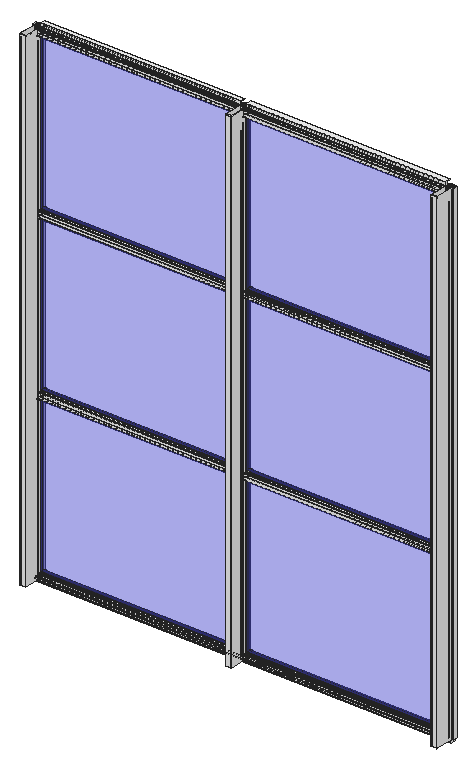
Revit family "Facade_60_Curtain_Wall_S23_Standard", category Windows, host Wall, Revit 2014 (continued)
Definition of nested family "F60_Single_Glazing_S23_Std"
  Dimensions and locks
    "Glazing Height": Extrusion 1 sketch curve to level
    aligned and locked: level to plane 2
    aligned and locked: Extrusion 1 sketch curve to plane 3 "Center (Left/Right)"
    aligned and locked: level to Extrusion 1 sketch curve
Definition of nested family "F60_Double_Glazing_S23_Std"
  Parameters (values of type "F60_Double_Glazing")
    Glazing Width [instance] = 600 mm
    Glazing Height [instance] = 600 mm
    Glazing Thickness DG [instance] = 4 mm
    Glazing Material [instance] = Glass
    Double Glazing Gasket Thickness [instance] = 12 mm
    Double Glazing Gasket Material [instance] = none
  Reference planes
    plane 1 "Center (Front/Back)": y = 0
    plane 2: z = 0
    plane 3 "Center (Left/Right)": x = 0
  Forms (mm)
    Extrusion 1, solid, material "Glass" <- "Glazing Material"
      sketch origin (0, 0, 0) x (1, 0, 0) y (0, 0, 1)
        loop
          line (0, 0) -> (0, 600) -> (-600, 600) -> (-600, 0) -> (0, 0)
      from 0 to 4 <- "Glazing Thickness DG"
    Extrusion 2, solid, material <- "Double Glazing Gasket Material"
      sketch origin (0, -4, 0) x (1, 0, 0) y (0, 0, 1)
        loop
          line (-600, 600) -> (-600, 0) -> (0, 0) -> (0, 600) -> (-600, 600)
        loop
          line (-592, 8) -> (-8, 8) -> (-8, 592) -> (-592, 592) -> (-592, 8)
      from 0 to 12 <- "Double Glazing Gasket Thickness"
    Extrusion 3, solid, material "Glass" <- "Glazing Material"
      sketch origin (0, -16, 0) x (1, 0, 0) y (0, 0, 1)
        loop
          line (-600, 600) -> (-600, 0) -> (0, 0) -> (0, 600) -> (-600, 600)
      from 0 to 4 <- "Glazing Thickness DG"
  Dimensions and locks
    "Glazing Width": plane 3 "Center (Left/Right)" to Extrusion 1 sketch curve
    "Glazing Height": Extrusion 1 sketch curve to level
    aligned and locked: level to plane 2
    aligned and locked: Extrusion 1 sketch curve to plane 3 "Center (Left/Right)"
    aligned and locked: level to Extrusion 1 sketch curve
    aligned and locked: Extrusion 2 sketch curve to Extrusion 1  (x4)
    aligned and locked: Extrusion 3 sketch curve to Extrusion 2  (x4)
  Automatic sketch dimensions
    Extrusion 2 sketch curve to Extrusion 1 = 8 mm  (x4)
Definition of nested family "F60 Vertical Profile Middle_S23_Std"
  Parameters (values of type "F60 Vertical Profile Middle")
    Quarter SG Expansion Break [instance] = if(and(Quarter Expansion Break, Single Glazing), 1 = 1, 1 = 0)  # yes
    Quarter Length [instance] = Length / 4  # 62.5 mm
    Thermal Break Material [instance] = none
    Single Glazing [instance] = yes
    Quarter Expansion Break [instance] = yes
    Quarter DG Expansion Break [instance] = if(and(Quarter Expansion Break, Double Glazing), 1 = 1, 1 = 0)  # yes
    Quarter 190mm Expansion Break [instance] = if(and(Quarter Expansion Break, [190mm Mullion]), 1 = 1, 1 = 0)  # yes
    Quarter 160mm Expansion Break [instance] = if(and(Quarter Expansion Break, [160mm Mullion]), 1 = 1, 1 = 0)  # yes
    Quarter 100mm Expansion Break [instance] = if(and(Quarter Expansion Break, [100mm Mullion]), 1 = 1, 1 = 0)  # yes
    Profile Material [instance] = none
    Length [instance] = 250 mm
    Half SG Expansion Break [instance] = if(and(Half Expansion Break, Single Glazing), 1 = 1, 1 = 0)  # yes
    Half Length [instance] = Length / 2  # 125 mm
    Half Expansion Break [instance] = yes
    Half DG Expansion Break [instance] = if(and(Half Expansion Break, Double Glazing), 1 = 1, 1 = 0)  # yes
    Half 190mm Expansion Joint [instance] = if(and(Half Expansion Break, [190mm Mullion]), 1 = 1, 1 = 0)  # yes
    Half 160mm Expansion Break [instance] = if(and(Half Expansion Break, [160mm Mullion]), 1 = 1, 1 = 0)  # yes
    Half 100mm Expansion Break [instance] = if(and(Half Expansion Break, [100mm Mullion]), 1 = 1, 1 = 0)  # yes
    Double Glazing [instance] = yes
    190mm Mullion [instance] = yes
    160mm Mullion [instance] = yes
    100mm Mullion [instance] = yes
  Reference planes
    plane 1 "Center (Front/Back)": y = 0
    plane 2: z = 0
    plane 3 "Center (Left/Right)": x = 0
  Forms (mm)
    Extrusion 1, solid, material <- "Profile Material"
      sketch origin (0, 0, 0) x (1, 0, 0) y (0, 1, 0)
        loop
          arc (25.249, -8.7) -> (25.484, -9.266) -> (26.049, -9.5) r 0.8
          line (26.049, -9.5) -> (27.1, -9.5) -> (27.1, 7) -> (32.902, 7) -> (32.902, -9.5) -> (33.951, -9.5)
          arc (33.951, -9.5) -> (34.516, -9.266) -> (34.751, -8.7) r 0.8
          line (34.751, -8.7) -> (34.751, 6.2)
          arc (34.751, 6.2) -> (34.985, 6.766) -> (35.551, 7) r 0.8
          line (35.551, 7) -> (52.1, 7) -> (52.1, 5.4) -> (50.55, 5.4) -> (50.55, 4.55)
          arc (50.55, 4.55) -> (50.726, 4.126) -> (51.15, 3.95) r 0.6
          line (51.15, 3.95) -> (52.1, 3.95) -> (52.1, 1)
          arc (52.1, 1) -> (51.6, 0.5) -> (52.1, 0) r 0.5
          line (52.1, 0) -> (54.45, 0) -> (54.45, 1.15) -> (53.3, 1.15) -> (53.3, 2.45) -> (58.8, 2.45) -> (58.8, 1.15) -> (57.65, 1.15) -> (57.65, 0) -> (59.5, 0)
          arc (59.5, 0) -> (59.854, 0.146) -> (60, 0.5) r 0.5
          line (60, 0.5) -> (60, 3.9) -> (53.55, 3.9) -> (53.55, 7.6)
          arc (53.55, 7.6) -> (53.316, 8.166) -> (52.75, 8.4) r 0.8
          line (52.75, 8.4) -> (30, 8.4) -> (7.25, 8.4)
          arc (7.25, 8.4) -> (6.684, 8.166) -> (6.45, 7.6) r 0.8
          line (6.45, 7.6) -> (6.45, 3.9) -> (0, 3.9) -> (0, 0.5)
          arc (0, 0.5) -> (0.146, 0.146) -> (0.5, 0) r 0.5
          line (0.5, 0) -> (2.35, 0) -> (2.35, 1.15) -> (1.2, 1.15) -> (1.2, 2.45) -> (6.7, 2.45) -> (6.7, 1.15) -> (5.55, 1.15) -> (5.55, 0) -> (7.9, 0)
          arc (7.9, 0) -> (8.4, 0.5) -> (7.9, 1) r 0.5
          line (7.9, 1) -> (7.9, 3.95) -> (8.85, 3.95)
          arc (8.85, 3.95) -> (9.274, 4.126) -> (9.45, 4.55) r 0.6
          line (9.45, 4.55) -> (9.45, 5.4) -> (7.9, 5.4) -> (7.9, 7) -> (24.449, 7)
          arc (24.449, 7) -> (25.015, 6.766) -> (25.249, 6.2) r 0.8
          line (25.249, 6.2) -> (25.249, -8.7)
      from 0 to 250 <- "Length"
    Extrusion 2, solid, material <- "Thermal Break Material"
      sketch origin (0, 0, 0) x (1, 0, 0) y (0, 1, 0)
        loop
          line (1.75, 9.8) -> (1.75, 5.2) -> (0, 5.2) -> (0, 3.9) -> (6.35, 3.9) -> (6.35, 7.856)
          arc (6.35, 7.856) -> (6.526, 8.281) -> (6.95, 8.456) r 0.6
          line (6.95, 8.456) -> (30, 8.456) -> (53.05, 8.456)
          arc (53.05, 8.456) -> (53.474, 8.281) -> (53.65, 7.856) r 0.6
          line (53.65, 7.856) -> (53.65, 3.9) -> (60, 3.9) -> (60, 5.2) -> (58.25, 5.2) -> (58.25, 9.8) -> (30, 9.8) -> (1.75, 9.8)
      from 0 to 250 <- "Length"
    Extrusion 3, solid, material <- "Thermal Break Material", visible <- "Single Glazing"
      sketch origin (0, 0, 0) x (1, 0, 0) y (0, 1, 0)
        loop
          line (25.749, -14.011) -> (27.672, -14.011) -> (28.481, -12.611) -> (31.518, -12.611) -> (32.327, -14.011) -> (34.249, -14.011)
          arc (34.249, -14.011) -> (34.603, -13.864) -> (34.749, -13.511) r 0.5
          line (34.749, -13.511) -> (34.749, -10.011)
          arc (34.749, -10.011) -> (34.603, -9.657) -> (34.249, -9.511) r 0.5
          line (34.249, -9.511) -> (32.352, -9.511) -> (32.352, 0.19) -> (31.349, 2.261)
          arc (31.349, 2.261) -> (29.999, 2.986) -> (28.649, 2.261) r 1.62
          line (28.649, 2.261) -> (27.647, 0.19) -> (27.647, -9.511) -> (25.749, -9.511)
          arc (25.749, -9.511) -> (25.396, -9.657) -> (25.249, -10.011) r 0.5
          line (25.249, -10.011) -> (25.249, -13.511)
          arc (25.249, -13.511) -> (25.396, -13.864) -> (25.749, -14.011) r 0.5
        loop
          line (28.504, -10.005) -> (28.504, -10.861)
          arc (28.504, -10.861) -> (28.651, -11.214) -> (29.004, -11.361) r 0.5
          line (29.004, -11.361) -> (30.994, -11.361)
          arc (30.994, -11.361) -> (31.348, -11.214) -> (31.494, -10.861) r 0.5
          line (31.494, -10.861) -> (31.494, -10.005) -> (30.708, -9.219)
          arc (30.708, -9.219) -> (30.383, -9.001) -> (29.999, -8.924) r 1.007
          arc (29.999, -8.924) -> (29.616, -8.999) -> (29.292, -9.217) r 0.986
          line (29.292, -9.217) -> (28.504, -10.005)
        loop
          arc (30.896, 1.935) -> (29.887, 2.44) -> (29.005, 1.735) r 1.047
          line (29.005, 1.735) -> (28.347, 0.374) -> (28.347, -6.993)
          arc (28.347, -6.993) -> (28.583, -7.417) -> (29.068, -7.441) r 0.5
          arc (29.068, -7.441) -> (29.999, -7.223) -> (30.93, -7.441) r 2.099
          arc (30.93, -7.441) -> (31.416, -7.417) -> (31.652, -6.993) r 0.5
          line (31.652, -6.993) -> (31.652, 0.374) -> (30.896, 1.935)
      from 0 to 250 <- "Length"
    Extrusion 4, solid, material <- "Profile Material", visible <- "Single Glazing"
      sketch origin (0, 0, 0) x (1, 0, 0) y (0, 1, 0)
        loop
          line (52.693, -14.011) -> (32.327, -14.011) -> (31.519, -12.611) -> (28.481, -12.611) -> (27.673, -14.011) -> (7.307, -14.011) -> (7.307, -15.011) -> (8.457, -15.011) -> (8.457, -16.261) -> (2.957, -16.261) -> (2.957, -15.011) -> (4.107, -15.011) -> (4.107, -14.011) -> (1.707, -14.011)
          arc (1.707, -14.011) -> (1.199, -14.293) -> (1.168, -14.873) r 0.6
          line (1.168, -14.873) -> (2.093, -16.772) -> (1.015, -17.298) -> (1.484, -18.261) -> (11.488, -18.261)
          arc (11.488, -18.261) -> (11.913, -18.085) -> (12.088, -17.661) r 0.6
          line (12.088, -17.661) -> (12.088, -16.811) -> (47.912, -16.811) -> (47.912, -17.661)
          arc (47.912, -17.661) -> (48.088, -18.085) -> (48.512, -18.261) r 0.6
          line (48.512, -18.261) -> (58.518, -18.261) -> (58.987, -17.298) -> (57.908, -16.772) -> (58.834, -14.874)
          arc (58.834, -14.874) -> (58.802, -14.293) -> (58.293, -14.011) r 0.6
          line (58.293, -14.011) -> (55.893, -14.011) -> (55.893, -15.011) -> (57.043, -15.011) -> (57.043, -16.261) -> (51.543, -16.261) -> (51.543, -15.011) -> (52.693, -15.011) -> (52.693, -14.011)
      from 0 to 250 <- "Length"
    Extrusion 5, solid, material <- "Profile Material", visible <- "Single Glazing"
      sketch origin (0, 0, 0) x (1, 0, 0) y (0, 1, 0)
        loop
          line (2.801, -18.261) -> (1.484, -18.261) -> (1.015, -17.298) -> (2.093, -16.772) -> (0.779, -14.076)
          arc (0.779, -14.076) -> (0.239, -14.21) -> (0.001, -14.713) r 0.65
          line (0.001, -14.713) -> (0.001, -28.068)
          arc (0.001, -28.068) -> (1.172, -30.897) -> (4.001, -32.068) r 4
          line (4.001, -32.068) -> (30.001, -32.068) -> (56.001, -32.068)
          arc (56.001, -32.068) -> (58.829, -30.897) -> (60.001, -28.068) r 4
          line (60.001, -28.068) -> (60.001, -14.713)
          arc (60.001, -14.713) -> (59.763, -14.21) -> (59.223, -14.076) r 0.65
          line (59.223, -14.076) -> (57.908, -16.772) -> (58.987, -17.298) -> (58.518, -18.261) -> (57.201, -18.261)
          arc (57.201, -18.261) -> (56.83, -18.425) -> (56.703, -18.811) r 0.5
          arc (56.703, -18.811) -> (56.83, -19.196) -> (57.201, -19.361) r 0.5
          line (57.201, -19.361) -> (58.951, -19.361) -> (58.951, -27.968)
          arc (58.951, -27.968) -> (58.131, -29.948) -> (56.151, -30.768) r 2.8
          line (56.151, -30.768) -> (30.001, -30.768) -> (3.851, -30.768)
          arc (3.851, -30.768) -> (1.871, -29.948) -> (1.051, -27.968) r 2.8
          line (1.051, -27.968) -> (1.051, -19.361) -> (2.801, -19.361)
          arc (2.801, -19.361) -> (3.172, -19.196) -> (3.298, -18.811) r 0.5
          arc (3.298, -18.811) -> (3.172, -18.425) -> (2.801, -18.261) r 0.5
      from 0 to 250 <- "Length"
    Extrusion 6, solid, material <- "Profile Material", visible <- "100mm Mullion"
      sketch origin (0, 0, 0) x (1, 0, 0) y (0, 1, 0)
        loop
          line (14.02, 13) -> (45.98, 13)
          arc (45.98, 13) -> (46.539, 12.842) -> (46.917, 12.4) r 1
          arc (46.917, 12.4) -> (47.285, 11.963) -> (47.833, 11.8) r 1
          line (47.833, 11.8) -> (58.15, 11.8) -> (58.15, 96.3) -> (47.833, 96.3)
          arc (47.833, 96.3) -> (47.285, 96.137) -> (46.917, 95.7) r 1
          arc (46.917, 95.7) -> (46.548, 95.263) -> (46, 95.1) r 1
          line (46, 95.1) -> (14, 95.1)
          arc (14, 95.1) -> (13.452, 95.263) -> (13.083, 95.7) r 1
          arc (13.083, 95.7) -> (12.715, 96.137) -> (12.167, 96.3) r 1
          line (12.167, 96.3) -> (1.85, 96.3) -> (1.85, 11.8) -> (12.167, 11.8)
          arc (12.167, 11.8) -> (12.715, 11.963) -> (13.083, 12.4) r 1
          arc (13.083, 12.4) -> (13.461, 12.842) -> (14.02, 13) r 1
        loop
          line (1.65, 9.856) -> (58.35, 9.856) -> (58.35, 5.2) -> (60, 5.2) -> (60, 98.8)
          arc (60, 98.8) -> (59.707, 99.507) -> (59, 99.8) r 1
          line (59, 99.8) -> (1, 99.8)
          arc (1, 99.8) -> (0.293, 99.507) -> (0, 98.8) r 1
          line (0, 98.8) -> (0, 5.2) -> (1.65, 5.2) -> (1.65, 9.856)
      from 0 to 250 <- "Length"
    Extrusion 7, solid, material <- "Profile Material", visible <- "160mm Mullion"
      sketch origin (0, 0, 0) x (1, 0, 0) y (0, 1, 0)
        loop
          arc (2.35, 15.6) -> (2.526, 15.176) -> (2.95, 15) r 0.6
          line (2.95, 15) -> (57.05, 15)
          arc (57.05, 15) -> (57.474, 15.176) -> (57.65, 15.6) r 0.6
          line (57.65, 15.6) -> (57.65, 153.7)
          arc (57.65, 153.7) -> (57.474, 154.124) -> (57.05, 154.3) r 0.6
          line (57.05, 154.3) -> (47.833, 154.3)
          arc (47.833, 154.3) -> (47.285, 154.137) -> (46.917, 153.7) r 1
          arc (46.917, 153.7) -> (46.548, 153.263) -> (46, 153.1) r 1
          line (46, 153.1) -> (14, 153.1)
          arc (14, 153.1) -> (13.452, 153.263) -> (13.083, 153.7) r 1
          arc (13.083, 153.7) -> (12.715, 154.137) -> (12.167, 154.3) r 1
          line (12.167, 154.3) -> (2.95, 154.3)
          arc (2.95, 154.3) -> (2.526, 154.124) -> (2.35, 153.7) r 0.6
          line (2.35, 153.7) -> (2.35, 15.6)
        loop
          arc (1, 159.8) -> (0.293, 159.507) -> (0, 158.8) r 1
          line (0, 158.8) -> (0, 5.2) -> (1.65, 5.2) -> (1.65, 10.013) -> (58.35, 10.013) -> (58.35, 5.2) -> (60, 5.2) -> (60, 158.8)
          arc (60, 158.8) -> (59.707, 159.507) -> (59, 159.8) r 1
          line (59, 159.8) -> (1, 159.8)
      from 0 to 250 <- "Length"
    Extrusion 8, solid, material <- "Profile Material", visible <- "190mm Mullion"
      sketch origin (0, 0, 0) x (1, 0, 0) y (0, 1, 0)
        loop
          line (57.25, 15.1) -> (57.25, 178.3)
          arc (57.25, 178.3) -> (56.957, 179.007) -> (56.25, 179.3) r 1
          line (56.25, 179.3) -> (3.75, 179.3)
          arc (3.75, 179.3) -> (3.043, 179.007) -> (2.75, 178.3) r 1
          line (2.75, 178.3) -> (2.75, 15.1)
          arc (2.75, 15.1) -> (2.984, 14.534) -> (3.55, 14.3) r 0.8
          line (3.55, 14.3) -> (56.45, 14.3)
          arc (56.45, 14.3) -> (57.016, 14.534) -> (57.25, 15.1) r 0.8
        loop
          line (60, 5.2) -> (60, 188.8)
          arc (60, 188.8) -> (59.707, 189.507) -> (59, 189.8) r 1
          line (59, 189.8) -> (1, 189.8)
          arc (1, 189.8) -> (0.293, 189.507) -> (0, 188.8) r 1
          line (0, 188.8) -> (0, 5.2) -> (1.65, 5.2) -> (1.65, 9.856) -> (58.35, 9.856) -> (58.35, 5.2) -> (60, 5.2)
      from 0 to 250 <- "Length"
    Extrusion 9, solid, material <- "Thermal Break Material", visible <- "Double Glazing"
      sketch origin (0, 0, 0) x (1, 0, 0) y (0, 1, 0)
        loop
          line (27.672, -28) -> (28.48, -26.6) -> (31.518, -26.6) -> (32.326, -28) -> (34.249, -28)
          arc (34.249, -28) -> (34.603, -27.854) -> (34.749, -27.5) r 0.5
          line (34.749, -27.5) -> (34.749, -10)
          arc (34.749, -10) -> (34.603, -9.646) -> (34.249, -9.5) r 0.5
          line (34.249, -9.5) -> (32.352, -9.5) -> (32.352, 0.198) -> (31.348, 2.272)
          arc (31.348, 2.272) -> (29.998, 2.997) -> (28.648, 2.272) r 1.62
          line (28.648, 2.272) -> (27.645, 0.201) -> (27.645, -9.5) -> (25.749, -9.5)
          arc (25.749, -9.5) -> (25.396, -9.646) -> (25.249, -10) r 0.5
          line (25.249, -10) -> (25.249, -27.5)
          arc (25.249, -27.5) -> (25.396, -27.854) -> (25.749, -28) r 0.5
          line (25.749, -28) -> (27.672, -28)
        loop
          arc (30.706, -9.206) -> (30.382, -8.99) -> (29.999, -8.913) r 1.007
          arc (29.999, -8.913) -> (29.616, -8.988) -> (29.292, -9.206) r 0.986
          line (29.292, -9.206) -> (27.142, -11.356)
          arc (27.142, -11.356) -> (26.926, -11.68) -> (26.849, -12.063) r 1
          line (26.849, -12.063) -> (26.849, -24)
          arc (26.849, -24) -> (27.142, -24.707) -> (27.849, -25) r 1
          line (27.849, -25) -> (32.149, -25)
          arc (32.149, -25) -> (32.856, -24.707) -> (33.149, -24) r 1
          line (33.149, -24) -> (33.149, -12.063)
          arc (33.149, -12.063) -> (33.073, -11.68) -> (32.856, -11.356) r 1
          line (32.856, -11.356) -> (30.706, -9.206)
        loop
          arc (28.345, -6.982) -> (28.581, -7.407) -> (29.067, -7.43) r 0.5
          arc (29.067, -7.43) -> (29.998, -7.213) -> (30.929, -7.43) r 2.099
          arc (30.929, -7.43) -> (31.414, -7.407) -> (31.651, -6.982) r 0.5
          line (31.651, -6.982) -> (31.651, 0.385) -> (30.895, 1.946)
          arc (30.895, 1.946) -> (29.885, 2.45) -> (29.004, 1.745) r 1.047
          line (29.004, 1.745) -> (28.345, 0.385) -> (28.345, -6.982)
      from 0 to 250 <- "Length"
    Extrusion 10, solid, material <- "Profile Material", visible <- "Double Glazing"
      sketch origin (0, 0, 0) x (1, 0, 0) y (0, 1, 0)
        loop
          line (52.692, -28) -> (32.327, -28) -> (31.518, -26.6) -> (28.48, -26.6) -> (27.672, -28) -> (7.306, -28) -> (7.306, -29) -> (8.456, -29) -> (8.456, -30.25) -> (2.956, -30.25) -> (2.956, -29) -> (4.106, -29) -> (4.106, -28) -> (1.706, -28)
          arc (1.706, -28) -> (1.198, -28.282) -> (1.167, -28.863) r 0.6
          line (1.167, -28.863) -> (2.093, -30.762) -> (1.014, -31.288) -> (1.483, -32.25) -> (11.488, -32.25)
          arc (11.488, -32.25) -> (11.912, -32.074) -> (12.088, -31.65) r 0.6
          line (12.088, -31.65) -> (12.088, -30.8) -> (47.911, -30.8) -> (47.911, -31.65)
          arc (47.911, -31.65) -> (48.087, -32.074) -> (48.511, -32.25) r 0.6
          line (48.511, -32.25) -> (58.517, -32.25) -> (58.986, -31.288) -> (57.907, -30.762) -> (58.833, -28.864)
          arc (58.833, -28.864) -> (58.801, -28.282) -> (58.292, -28) r 0.6
          line (58.292, -28) -> (55.892, -28) -> (55.892, -29) -> (57.042, -29) -> (57.042, -30.25) -> (51.542, -30.25) -> (51.542, -29) -> (52.692, -29) -> (52.692, -28)
      from 0 to 250 <- "Length"
    Extrusion 11, solid, material <- "Profile Material", visible <- "Double Glazing"
      sketch origin (0, 0, 0) x (1, 0, 0) y (0, 1, 0)
        loop
          line (2.8, -32.25) -> (1.483, -32.25) -> (1.014, -31.288) -> (2.093, -30.762) -> (0.778, -28.065)
          arc (0.778, -28.065) -> (0.238, -28.2) -> (0, -28.702) r 0.65
          line (0, -28.702) -> (0, -42.058)
          arc (0, -42.058) -> (1.172, -44.886) -> (4, -46.058) r 4
          line (4, -46.058) -> (30, -46.058) -> (56, -46.058)
          arc (56, -46.058) -> (58.828, -44.886) -> (60, -42.058) r 4
          line (60, -42.058) -> (60, -28.702)
          arc (60, -28.702) -> (59.762, -28.2) -> (59.222, -28.065) r 0.65
          line (59.222, -28.065) -> (57.907, -30.762) -> (58.986, -31.288) -> (58.517, -32.25) -> (57.2, -32.25)
          arc (57.2, -32.25) -> (56.829, -32.415) -> (56.703, -32.8) r 0.5
          arc (56.703, -32.8) -> (56.829, -33.185) -> (57.2, -33.35) r 0.5
          line (57.2, -33.35) -> (58.95, -33.35) -> (58.95, -41.958)
          arc (58.95, -41.958) -> (58.13, -43.938) -> (56.15, -44.758) r 2.8
          line (56.15, -44.758) -> (30, -44.758) -> (3.85, -44.758)
          arc (3.85, -44.758) -> (1.87, -43.938) -> (1.05, -41.958) r 2.8
          line (1.05, -41.958) -> (1.05, -33.35) -> (2.8, -33.35)
          arc (2.8, -33.35) -> (3.171, -33.185) -> (3.297, -32.8) r 0.5
          arc (3.297, -32.8) -> (3.171, -32.415) -> (2.8, -32.25) r 0.5
      from 0 to 250 <- "Length"
    Extrusion 12, solid, material <- "Profile Material", visible <- "Double Glazing"
      sketch origin (0, 0, 0) x (1, 0, 0) y (0, 1, 0)
        loop
          line (12, -7.775) -> (0, -7.775) -> (0, -25.775) -> (12, -25.775) -> (12, -7.775)
        loop
          line (10.8, -8.975) -> (1.2, -8.975) -> (1.2, -24.575) -> (10.8, -24.575) -> (10.8, -8.975)
      from 0 to 250 <- "Length"
  Lines and regions (mm)
    model lines, style "GenericModelHiddenLines", visible <- "Half 100mm Expansion Break"
      curve 1: line (60, 5.2, 125) -> (60, 95.2, 125)
      curve 2: line (60, 99.8, 125) -> (0, 99.8, 125)
      curve 8: line (0, 5.2, 125) -> (0, 95.2, 125)
    model lines, style "GenericModelHiddenLines", visible <- "Quarter 100mm Expansion Break"
      curve 3: line (60, 5.2, 187.5) -> (60, 95.2, 187.5)
      curve 4: line (60, 5.2, 62.5) -> (60, 95.2, 62.5)
      curve 5: line (60, 99.8, 62.5) -> (0, 99.8, 62.5)
      curve 6: line (60, 99.8, 187.5) -> (0, 99.8, 187.5)
      curve 7: line (0, 5.2, 187.5) -> (0, 95.2, 187.5)
      curve 9: line (0, 5.2, 62.5) -> (0, 95.2, 62.5)
    model lines, style "GenericModelHiddenLines", visible <- "Half SG Expansion Break"
      curve 10: line (4.107, -32.068, 125) -> (55.893, -32.068, 125)
      curve 14: line (60.001, -14.011, 125) -> (60.001, -32.068, 125)
    model lines, style "GenericModelHiddenLines", visible <- "Quarter SG Expansion Break"
      curve 11: line (4.107, -32.068, 187.5) -> (56.703, -32.068, 187.5)
      curve 12: line (4.107, -32.068, 62.5) -> (56.703, -32.068, 62.5)
      curve 13: line (60.001, -14.011, 187.5) -> (60.001, -32.068, 187.5)
      curve 15: line (60.001, -14.011, 62.5) -> (60.001, -32.068, 62.5)
    model lines, style "GenericModelHiddenLines", visible <- "Quarter 160mm Expansion Break"
      curve 16: line (0, 5.2, 187.5) -> (0, 155.2, 187.5)
      curve 18: line (0, 5.2, 62.5) -> (0, 155.2, 62.5)
      curve 19: line (0, 159.8, 187.5) -> (60, 159.8, 187.5)
      curve 21: line (0, 159.8, 62.5) -> (60, 159.8, 62.5)
      curve 22: line (60, 5.2, 187.5) -> (60, 155.2, 187.5)
      curve 24: line (60, 5.2, 62.5) -> (60, 155.2, 62.5)
    model lines, style "GenericModelHiddenLines", visible <- "Half 160mm Expansion Break"
      curve 17: line (0, 5.2, 125) -> (0, 155.2, 125)
      curve 20: line (0, 159.8, 125) -> (60, 159.8, 125)
      curve 23: line (60, 5.2, 125) -> (60, 155.2, 125)
    model lines, style "GenericModelHiddenLines", visible <- "Quarter 190mm Expansion Break"
      curve 25: line (0, 5.2, 187.5) -> (0, 185.2, 187.5)
      curve 27: line (0, 5.2, 62.5) -> (0, 185.2, 62.5)
      curve 28: line (0.779, 189.8, 187.5) -> (59.222, 189.8, 187.5)
      curve 30: line (0.779, 189.8, 62.5) -> (59.222, 189.8, 62.5)
      curve 31: line (60, 5.2, 187.5) -> (60, 185.2, 187.5)
      curve 33: line (60, 5.2, 62.5) -> (60, 185.2, 62.5)
    model lines, style "GenericModelHiddenLines", visible <- "Half 190mm Expansion Joint"
      curve 26: line (0, 5.2, 125) -> (0, 185.2, 125)
      curve 29: line (0.779, 189.8, 125) -> (59.222, 189.8, 125)
      curve 32: line (60, 5.2, 125) -> (60, 185.2, 125)
    model lines, style "GenericModelHiddenLines", visible <- "Quarter DG Expansion Break"
      curve 34: line (60, -28.065, 187.5) -> (60, -46.074, 187.5)
      curve 36: line (60, -28.065, 62.5) -> (60, -46.027, 62.5)
      curve 37: line (59.222, -46.058, 187.5) -> (0.779, -46.058, 187.5)
      curve 39: line (59.222, -46.058, 62.5) -> (0.779, -46.058, 62.5)
    model lines, style "GenericModelHiddenLines", visible <- "Half DG Expansion Break"
      curve 35: line (60, -28.065, 125) -> (60, -46.074, 125)
      curve 38: line (59.222, -46.058, 125) -> (0.779, -46.058, 125)
  Dimensions and locks
    "Half Length": curve 1 to level
    "Half Length": level to curve 2
    "Quarter Length": curve 4 to level
    "Quarter Length": Extrusion 8 to curve 3
    "Quarter Length": level to curve 5
    "Quarter Length": curve 6 to Extrusion 6
    "Quarter Length": curve 9 to level
    "Half Length": curve 8 to level
    "Quarter Length": Extrusion 8 to curve 7
    "Quarter Length": curve 12 to level
    "Half Length": curve 10 to level
    "Quarter Length": Extrusion 5 to curve 11
    "Quarter Length": curve 15 to level
    "Half Length": curve 14 to level
    "Quarter Length": Extrusion 5 to curve 13
    "Quarter Length": Extrusion 7 to curve 18
    "Half Length": Extrusion 7 to curve 17
    "Quarter Length": Extrusion 7 to curve 16
    "Quarter Length": Extrusion 7 to curve 21
    "Quarter Length": curve 19 to Extrusion 7
    "Half Length": Extrusion 7 to curve 20
    "Quarter Length": Extrusion 7 to curve 24
    "Quarter Length": Extrusion 7 to curve 22
    "Half Length": Extrusion 7 to curve 23
    "Quarter Length": Extrusion 8 to curve 27
    "Quarter Length": Extrusion 8 to curve 25
    "Half Length": Extrusion 8 to curve 26
    "Quarter Length": Extrusion 8 to curve 30
    "Quarter Length": curve 28 to Extrusion 8
    "Half Length": Extrusion 8 to curve 29
    "Quarter Length": Extrusion 8 to curve 33
    "Quarter Length": Extrusion 8 to curve 31
    "Half Length": Extrusion 8 to curve 32
    "Quarter Length": Extrusion 11 to curve 36
    "Quarter Length": Extrusion 11 to curve 34
    "Half Length": Extrusion 11 to curve 35
    "Quarter Length": Extrusion 11 to curve 37
    "Quarter Length": curve 39 to Extrusion 11
    "Half Length": curve 38 to Extrusion 11
    aligned and locked: level to plane 2
  Automatic sketch dimensions
    Extrusion 1 sketch curve to plane 3 "Center (Left/Right)" = 0 mm
    plane 1 "Center (Front/Back)" to Extrusion 1 sketch curve = 0 mm  (x4)
    plane 3 "Center (Left/Right)" to Extrusion 1 sketch curve = 0.5 mm
    Extrusion 1 sketch curve to Extrusion 1 sketch curve = 0.7 mm  (x2)
    Extrusion 1 sketch curve to Extrusion 1 sketch curve = 1.15 mm  (x4)
    Extrusion 1 sketch curve to Extrusion 1 sketch curve = 3.2 mm  (x2)
    Extrusion 1 sketch curve to Extrusion 1 sketch curve = 0.9 mm
    Extrusion 1 sketch curve to Extrusion 1 sketch curve = 0.25 mm
    Extrusion 1 sketch curve to Extrusion 1 sketch curve = 0.8 mm  (x7)
    Extrusion 1 sketch curve to Extrusion 1 sketch curve = 1.45 mm  (x2)
    Extrusion 1 sketch curve to Extrusion 1 sketch curve = 0.65 mm  (x3)
    Extrusion 1 sketch curve to Extrusion 1 sketch curve = 0.95 mm  (x3)
    Extrusion 1 sketch curve to Extrusion 1 sketch curve = 0.6 mm  (x3)
    Extrusion 1 sketch curve to plane 1 "Center (Front/Back)" = 7 mm
    Extrusion 1 sketch curve to Extrusion 1 sketch curve = 14.999 mm  (x2)
    plane 1 "Center (Front/Back)" to Extrusion 1 sketch curve = 8.7 mm
    Extrusion 1 sketch curve to Extrusion 1 sketch curve = 1.85 mm
    Extrusion 1 sketch curve to Extrusion 1 sketch curve = 2.9 mm
    Extrusion 1 sketch curve to Extrusion 1 sketch curve = 5.802 mm
    Extrusion 1 sketch curve to Extrusion 1 sketch curve = 1.049 mm
    Extrusion 1 sketch curve to plane 1 "Center (Front/Back)" = 4.55 mm
    Extrusion 1 sketch curve to plane 1 "Center (Front/Back)" = 0.5 mm  (x3)
    Extrusion 1 sketch curve to Extrusion 1 sketch curve = 1.2 mm
    Extrusion 1 sketch curve to plane 1 "Center (Front/Back)" = 1.15 mm  (x2)
    Extrusion 1 sketch curve to Extrusion 1 sketch curve = 0 mm
    Extrusion 1 sketch curve to Extrusion 1 sketch curve = 1.3 mm  (x2)
    Extrusion 1 sketch curve to Extrusion 1 sketch curve = 0.05 mm  (x2)
    Extrusion 1 sketch curve to Extrusion 1 sketch curve = 0.85 mm  (x2)
    Extrusion 1 sketch curve to plane 1 "Center (Front/Back)" = 6.2 mm
    Extrusion 2 sketch curve to plane 3 "Center (Left/Right)" = 0 mm
    plane 3 "Center (Left/Right)" to Extrusion 2 sketch curve = 1.75 mm
    Extrusion 2 sketch curve to Extrusion 2 sketch curve = 4.6 mm  (x4)
    Extrusion 2 sketch curve to Extrusion 2 sketch curve = 0.6 mm  (x2)
    Extrusion 2 sketch curve to plane 1 "Center (Front/Back)" = 9.8 mm
    Extrusion 2 sketch curve to Extrusion 2 sketch curve = 23.05 mm  (x2)
    Extrusion 2 sketch curve to Extrusion 2 sketch curve = 0 mm
    Extrusion 2 sketch curve to plane 1 "Center (Front/Back)" = 8.456 mm
    Extrusion 2 sketch curve to Extrusion 2 sketch curve = 1.75 mm
    Extrusion 2 sketch curve to plane 1 "Center (Front/Back)" = 3.9 mm  (x2)
    plane 3 "Center (Left/Right)" to Extrusion 3 sketch curve = 25.249 mm
    Extrusion 3 sketch curve to Extrusion 3 sketch curve = 0.5 mm  (x6)
    Extrusion 3 sketch curve to plane 1 "Center (Front/Back)" = 0.19 mm  (x2)
    Extrusion 3 sketch curve to Extrusion 3 sketch curve = 1.897 mm  (x2)
    Extrusion 3 sketch curve to Extrusion 3 sketch curve = 1.922 mm  (x2)
    Extrusion 3 sketch curve to plane 1 "Center (Front/Back)" = 0.374 mm  (x2)
    Extrusion 3 sketch curve to Extrusion 3 sketch curve = 0.7 mm  (x2)
    plane 1 "Center (Front/Back)" to Extrusion 3 sketch curve = 12.611 mm
    Extrusion 3 sketch curve to Extrusion 3 sketch curve = 0.809 mm
    Extrusion 3 sketch curve to Extrusion 3 sketch curve = 0.858 mm
    Extrusion 3 sketch curve to plane 1 "Center (Front/Back)" = 2.261 mm  (x2)
    Extrusion 3 sketch curve to Extrusion 3 sketch curve = 0.303 mm
    Extrusion 3 sketch curve to plane 1 "Center (Front/Back)" = 1.735 mm
    Extrusion 3 sketch curve to Extrusion 3 sketch curve = 0.356 mm
    plane 1 "Center (Front/Back)" to Extrusion 3 sketch curve = 9.217 mm
    Extrusion 3 sketch curve to Extrusion 3 sketch curve = 0.788 mm
    Extrusion 3 sketch curve to Extrusion 3 sketch curve = 0.701 mm
    Extrusion 3 sketch curve to Extrusion 3 sketch curve = 0.003 mm
    Extrusion 3 sketch curve to Extrusion 3 sketch curve = 0.992 mm
    Extrusion 3 sketch curve to Extrusion 3 sketch curve = 0.006 mm
    Extrusion 3 sketch curve to Extrusion 3 sketch curve = 0.002 mm
    plane 1 "Center (Front/Back)" to Extrusion 3 sketch curve = 9.219 mm
    Extrusion 3 sketch curve to Extrusion 3 sketch curve = 0.709 mm
    Extrusion 3 sketch curve to plane 1 "Center (Front/Back)" = 1.935 mm
    Extrusion 3 sketch curve to Extrusion 3 sketch curve = 0.899 mm
    Extrusion 3 sketch curve to Extrusion 3 sketch curve = 0.998 mm
    Extrusion 3 sketch curve to Extrusion 3 sketch curve = 0.444 mm
    Extrusion 3 sketch curve to Extrusion 3 sketch curve = 0.524 mm
    Extrusion 3 sketch curve to Extrusion 3 sketch curve = 0.756 mm
    Extrusion 3 sketch curve to Extrusion 3 sketch curve = 0.808 mm
    Extrusion 3 sketch curve to Extrusion 3 sketch curve = 0.9 mm  (x2)
    Extrusion 3 sketch curve to Extrusion 3 sketch curve = 1.25 mm
    Extrusion 3 sketch curve to Extrusion 3 sketch curve = 0.85 mm  (x2)
    Extrusion 3 sketch curve to Extrusion 3 sketch curve = 0.856 mm  (x2)
    Extrusion 3 sketch curve to Extrusion 3 sketch curve = 0.714 mm
    Extrusion 3 sketch curve to Extrusion 3 sketch curve = 0.02 mm
    Extrusion 3 sketch curve to Extrusion 3 sketch curve = 0.399 mm
    Extrusion 3 sketch curve to Extrusion 3 sketch curve = 2.224 mm
    Extrusion 3 sketch curve to Extrusion 3 sketch curve = 0.448 mm
    Extrusion 3 sketch curve to Extrusion 3 sketch curve = 0.032 mm
    Extrusion 3 sketch curve to Extrusion 3 sketch curve = 0 mm
    plane 3 "Center (Left/Right)" to Extrusion 4 sketch curve = 1.015 mm
    Extrusion 4 sketch curve to Extrusion 4 sketch curve = 0.469 mm
    plane 3 "Center (Left/Right)" to Extrusion 4 sketch curve = 1.707 mm
    Extrusion 4 sketch curve to Extrusion 4 sketch curve = 1.079 mm
    Extrusion 4 sketch curve to Extrusion 4 sketch curve = 0.864 mm
    Extrusion 4 sketch curve to Extrusion 4 sketch curve = 1.15 mm  (x4)
    Extrusion 4 sketch curve to Extrusion 4 sketch curve = 3.2 mm  (x2)
    Extrusion 4 sketch curve to Extrusion 4 sketch curve = 3.031 mm  (x2)
    Extrusion 4 sketch curve to Extrusion 4 sketch curve = 0.6 mm  (x3)
    Extrusion 4 sketch curve to Extrusion 4 sketch curve = 15.584 mm  (x2)
    plane 1 "Center (Front/Back)" to Extrusion 4 sketch curve = 12.611 mm
    Extrusion 4 sketch curve to Extrusion 4 sketch curve = 0.808 mm  (x2)
    Extrusion 4 sketch curve to Extrusion 4 sketch curve = 3.038 mm
    plane 1 "Center (Front/Back)" to Extrusion 4 sketch curve = 14.011 mm
    plane 1 "Center (Front/Back)" to Extrusion 4 sketch curve = 16.772 mm
    Extrusion 4 sketch curve to Extrusion 4 sketch curve = 0.865 mm
    Extrusion 4 sketch curve to Extrusion 4 sketch curve = 1.25 mm  (x4)
    plane 1 "Center (Front/Back)" to Extrusion 4 sketch curve = 18.261 mm
    Extrusion 4 sketch curve to Extrusion 4 sketch curve = 0.61 mm
    plane 1 "Center (Front/Back)" to Extrusion 4 sketch curve = 17.298 mm
    Extrusion 4 sketch curve to Extrusion 4 sketch curve = 5.65 mm
    Extrusion 4 sketch curve to Extrusion 4 sketch curve = 0.962 mm
    Extrusion 4 sketch curve to Extrusion 4 sketch curve = 0.85 mm
    Extrusion 4 sketch curve to Extrusion 4 sketch curve = 0.512 mm  (x2)
    Extrusion 4 sketch curve to Extrusion 4 sketch curve = 1 mm  (x2)
    Extrusion 4 sketch curve to Extrusion 4 sketch curve = 0.4 mm  (x2)
    Extrusion 4 sketch curve to Extrusion 4 sketch curve = 1.4 mm
    Extrusion 4 sketch curve to Extrusion 4 sketch curve = 0.539 mm  (x2)
    Extrusion 4 sketch curve to Extrusion 4 sketch curve = 0 mm
    plane 1 "Center (Front/Back)" to Extrusion 4 sketch curve = 14.874 mm
    plane 3 "Center (Left/Right)" to Extrusion 5 sketch curve = 0.001 mm
    Extrusion 5 sketch curve to Extrusion 5 sketch curve = 0.65 mm  (x2)
    Extrusion 5 sketch curve to Extrusion 5 sketch curve = 0.128 mm  (x2)
    plane 3 "Center (Left/Right)" to Extrusion 5 sketch curve = 1.015 mm
    plane 3 "Center (Left/Right)" to Extrusion 5 sketch curve = 1.051 mm
    Extrusion 5 sketch curve to Extrusion 5 sketch curve = 0.469 mm  (x2)
    Extrusion 5 sketch curve to Extrusion 5 sketch curve = 1.079 mm
    Extrusion 5 sketch curve to Extrusion 5 sketch curve = 1.317 mm  (x2)
    Extrusion 5 sketch curve to Extrusion 5 sketch curve = 0 mm  (x3)
    plane 3 "Center (Left/Right)" to Extrusion 5 sketch curve = 3.851 mm
    Extrusion 5 sketch curve to Extrusion 5 sketch curve = 0.15 mm  (x2)
    Extrusion 5 sketch curve to Extrusion 5 sketch curve = 26 mm  (x2)
    Extrusion 5 sketch curve to Extrusion 5 sketch curve = 1.05 mm
    plane 1 "Center (Front/Back)" to Extrusion 5 sketch curve = 16.772 mm
    Extrusion 5 sketch curve to Extrusion 5 sketch curve = 0.707 mm
    Extrusion 5 sketch curve to Extrusion 5 sketch curve = 0.433 mm
    plane 1 "Center (Front/Back)" to Extrusion 5 sketch curve = 17.298 mm
    plane 1 "Center (Front/Back)" to Extrusion 5 sketch curve = 14.076 mm
    Extrusion 5 sketch curve to Extrusion 5 sketch curve = 0.5 mm  (x2)
    plane 1 "Center (Front/Back)" to Extrusion 5 sketch curve = 18.761 mm
    Extrusion 5 sketch curve to Extrusion 5 sketch curve = 0.1 mm  (x3)
    Extrusion 5 sketch curve to Extrusion 5 sketch curve = 1.1 mm  (x2)
    Extrusion 5 sketch curve to Extrusion 5 sketch curve = 8.608 mm
    Extrusion 5 sketch curve to Extrusion 5 sketch curve = 0.962 mm
    Extrusion 6 sketch curve to plane 3 "Center (Left/Right)" = 0 mm
    plane 3 "Center (Left/Right)" to Extrusion 6 sketch curve = 1 mm
    plane 3 "Center (Left/Right)" to Extrusion 6 sketch curve = 1.65 mm
    plane 3 "Center (Left/Right)" to Extrusion 6 sketch curve = 1.85 mm
    Extrusion 6 sketch curve to Extrusion 6 sketch curve = 10.317 mm  (x3)
    Extrusion 6 sketch curve to Extrusion 6 sketch curve = 1.833 mm  (x4)
    Extrusion 6 sketch curve to Extrusion 6 sketch curve = 0.02 mm  (x2)
    Extrusion 6 sketch curve to plane 1 "Center (Front/Back)" = 13 mm
    Extrusion 6 sketch curve to Extrusion 6 sketch curve = 31.961 mm
    Extrusion 6 sketch curve to Extrusion 6 sketch curve = 32 mm
    Extrusion 6 sketch curve to Extrusion 6 sketch curve = 0.2 mm  (x5)
    Extrusion 6 sketch curve to Extrusion 6 sketch curve = 0.85 mm
    Extrusion 6 sketch curve to Extrusion 6 sketch curve = 1.65 mm
    Extrusion 6 sketch curve to Extrusion 6 sketch curve = 1 mm  (x8)
    Extrusion 6 sketch curve to Extrusion 6 sketch curve = 1.944 mm
    Extrusion 6 sketch curve to Extrusion 6 sketch curve = 4.656 mm  (x2)
    Extrusion 6 sketch curve to Extrusion 6 sketch curve = 82.1 mm
    Extrusion 6 sketch curve to Extrusion 6 sketch curve = 2.5 mm
    Extrusion 7 sketch curve to plane 3 "Center (Left/Right)" = 0 mm
    Extrusion 7 sketch curve to Extrusion 7 sketch curve = 1 mm  (x3)
    plane 3 "Center (Left/Right)" to Extrusion 7 sketch curve = 1.65 mm
    plane 3 "Center (Left/Right)" to Extrusion 7 sketch curve = 2.35 mm
    Extrusion 7 sketch curve to Extrusion 7 sketch curve = 0.6 mm  (x3)
    Extrusion 7 sketch curve to Extrusion 7 sketch curve = 9.217 mm  (x2)
    Extrusion 7 sketch curve to Extrusion 7 sketch curve = 1.833 mm  (x2)
    Extrusion 7 sketch curve to Extrusion 7 sketch curve = 32 mm
    Extrusion 7 sketch curve to plane 1 "Center (Front/Back)" = 15 mm
    Extrusion 7 sketch curve to Extrusion 7 sketch curve = 54.1 mm
    Extrusion 7 sketch curve to Extrusion 7 sketch curve = 1.3 mm
    Extrusion 7 sketch curve to Extrusion 7 sketch curve = 1.95 mm
    Extrusion 7 sketch curve to Extrusion 7 sketch curve = 1.65 mm
    Extrusion 7 sketch curve to Extrusion 7 sketch curve = 4.987 mm
    Extrusion 7 sketch curve to Extrusion 7 sketch curve = 4.813 mm
    Extrusion 7 sketch curve to Extrusion 7 sketch curve = 4.812 mm
    Extrusion 7 sketch curve to Extrusion 7 sketch curve = 137.5 mm
    Extrusion 7 sketch curve to Extrusion 7 sketch curve = 0.2 mm  (x2)
    Extrusion 7 sketch curve to Extrusion 7 sketch curve = 0.4 mm  (x2)
    Extrusion 7 sketch curve to Extrusion 7 sketch curve = 4.5 mm
    Extrusion 8 sketch curve to plane 3 "Center (Left/Right)" = 0 mm
    Extrusion 8 sketch curve to Extrusion 8 sketch curve = 1 mm  (x3)
    plane 3 "Center (Left/Right)" to Extrusion 8 sketch curve = 1.65 mm
    plane 3 "Center (Left/Right)" to Extrusion 8 sketch curve = 2.75 mm
    Extrusion 8 sketch curve to Extrusion 8 sketch curve = 0.8 mm  (x2)
    Extrusion 8 sketch curve to Extrusion 8 sketch curve = 52.5 mm
    Extrusion 8 sketch curve to plane 1 "Center (Front/Back)" = 15.1 mm
    Extrusion 8 sketch curve to Extrusion 8 sketch curve = 52.9 mm
    Extrusion 8 sketch curve to Extrusion 8 sketch curve = 1.9 mm
    Extrusion 8 sketch curve to Extrusion 8 sketch curve = 2.75 mm
    Extrusion 8 sketch curve to Extrusion 8 sketch curve = 4.444 mm
    Extrusion 8 sketch curve to Extrusion 8 sketch curve = 4.656 mm  (x2)
    Extrusion 8 sketch curve to Extrusion 8 sketch curve = 163.2 mm
    Extrusion 8 sketch curve to Extrusion 8 sketch curve = 9.5 mm
    plane 3 "Center (Left/Right)" to Extrusion 9 sketch curve = 25.249 mm
    Extrusion 9 sketch curve to Extrusion 9 sketch curve = 0.5 mm  (x4)
    Extrusion 9 sketch curve to Extrusion 9 sketch curve = 1.1 mm
    plane 1 "Center (Front/Back)" to Extrusion 9 sketch curve = 11.356 mm  (x2)
    Extrusion 9 sketch curve to Extrusion 9 sketch curve = 0.293 mm  (x2)
    Extrusion 9 sketch curve to Extrusion 9 sketch curve = 1.896 mm
    Extrusion 9 sketch curve to Extrusion 9 sketch curve = 1.922 mm
    Extrusion 9 sketch curve to Extrusion 9 sketch curve = 1 mm  (x2)
    Extrusion 9 sketch curve to Extrusion 9 sketch curve = 0.7 mm
    Extrusion 9 sketch curve to Extrusion 9 sketch curve = 0.808 mm
    Extrusion 9 sketch curve to plane 1 "Center (Front/Back)" = 2.272 mm  (x2)
    Extrusion 9 sketch curve to Extrusion 9 sketch curve = 0.303 mm
    Extrusion 9 sketch curve to plane 1 "Center (Front/Back)" = 1.745 mm
    Extrusion 9 sketch curve to Extrusion 9 sketch curve = 0.356 mm
    plane 1 "Center (Front/Back)" to Extrusion 9 sketch curve = 9.206 mm  (x2)
    Extrusion 9 sketch curve to Extrusion 9 sketch curve = 1.647 mm
    Extrusion 9 sketch curve to Extrusion 9 sketch curve = 0.701 mm
    Extrusion 9 sketch curve to Extrusion 9 sketch curve = 0.992 mm
    Extrusion 9 sketch curve to Extrusion 9 sketch curve = 0.003 mm
    Extrusion 9 sketch curve to Extrusion 9 sketch curve = 0.002 mm
    Extrusion 9 sketch curve to Extrusion 9 sketch curve = 0.004 mm
    Extrusion 9 sketch curve to Extrusion 9 sketch curve = 0.708 mm
    Extrusion 9 sketch curve to plane 1 "Center (Front/Back)" = 1.946 mm
    Extrusion 9 sketch curve to Extrusion 9 sketch curve = 0.899 mm
    Extrusion 9 sketch curve to Extrusion 9 sketch curve = 0.444 mm
    Extrusion 9 sketch curve to Extrusion 9 sketch curve = 3.038 mm
    Extrusion 9 sketch curve to plane 1 "Center (Front/Back)" = 0.385 mm  (x2)
    Extrusion 9 sketch curve to Extrusion 9 sketch curve = 0.756 mm
    Extrusion 9 sketch curve to Extrusion 9 sketch curve = 2.153 mm
    Extrusion 9 sketch curve to Extrusion 9 sketch curve = 0.631 mm
    Extrusion 9 sketch curve to Extrusion 9 sketch curve = 0.807 mm
    Extrusion 9 sketch curve to Extrusion 9 sketch curve = 1.646 mm
    Extrusion 9 sketch curve to Extrusion 9 sketch curve = 0.707 mm
    Extrusion 9 sketch curve to Extrusion 9 sketch curve = 1.393 mm
    Extrusion 9 sketch curve to Extrusion 9 sketch curve = 1.923 mm
    Extrusion 9 sketch curve to Extrusion 9 sketch curve = 11.937 mm
    Extrusion 9 sketch curve to Extrusion 9 sketch curve = 1.6 mm
    Extrusion 9 sketch curve to Extrusion 9 sketch curve = 0.9 mm  (x2)
    Extrusion 9 sketch curve to Extrusion 9 sketch curve = 1.356 mm  (x2)
    Extrusion 9 sketch curve to Extrusion 9 sketch curve = 0.714 mm
    Extrusion 9 sketch curve to Extrusion 9 sketch curve = 0.02 mm
    Extrusion 9 sketch curve to Extrusion 9 sketch curve = 0.399 mm
    Extrusion 9 sketch curve to Extrusion 9 sketch curve = 2.224 mm
    Extrusion 9 sketch curve to Extrusion 9 sketch curve = 0.448 mm
    Extrusion 9 sketch curve to plane 1 "Center (Front/Back)" = 0.198 mm
    Extrusion 9 sketch curve to plane 1 "Center (Front/Back)" = 0.201 mm
    Extrusion 9 sketch curve to Extrusion 9 sketch curve = 0.032 mm
    Extrusion 9 sketch curve to Extrusion 9 sketch curve = 0 mm
    plane 3 "Center (Left/Right)" to Extrusion 10 sketch curve = 1.014 mm
    Extrusion 10 sketch curve to Extrusion 10 sketch curve = 0.469 mm  (x2)
    plane 3 "Center (Left/Right)" to Extrusion 10 sketch curve = 1.706 mm
    Extrusion 10 sketch curve to Extrusion 10 sketch curve = 1.079 mm
    Extrusion 10 sketch curve to Extrusion 10 sketch curve = 0.864 mm
    Extrusion 10 sketch curve to Extrusion 10 sketch curve = 1.15 mm  (x4)
    Extrusion 10 sketch curve to Extrusion 10 sketch curve = 3.2 mm  (x2)
    Extrusion 10 sketch curve to Extrusion 10 sketch curve = 3.031 mm  (x2)
    Extrusion 10 sketch curve to Extrusion 10 sketch curve = 0.6 mm  (x3)
    Extrusion 10 sketch curve to Extrusion 10 sketch curve = 15.584 mm  (x2)
    Extrusion 10 sketch curve to Extrusion 10 sketch curve = 0.808 mm  (x2)
    Extrusion 10 sketch curve to Extrusion 10 sketch curve = 3.038 mm
    Extrusion 10 sketch curve to Extrusion 10 sketch curve = 0.865 mm
    Extrusion 10 sketch curve to Extrusion 10 sketch curve = 1.25 mm  (x5)
    Extrusion 10 sketch curve to Extrusion 10 sketch curve = 0.61 mm
    plane 1 "Center (Front/Back)" to Extrusion 10 sketch curve = 31.288 mm
    Extrusion 10 sketch curve to Extrusion 10 sketch curve = 0.362 mm
    plane 1 "Center (Front/Back)" to Extrusion 10 sketch curve = 31.65 mm
    Extrusion 10 sketch curve to Extrusion 10 sketch curve = 0.962 mm
    Extrusion 10 sketch curve to Extrusion 10 sketch curve = 0.85 mm
    Extrusion 10 sketch curve to Extrusion 10 sketch curve = 0.512 mm  (x2)
    Extrusion 10 sketch curve to Extrusion 10 sketch curve = 0.4 mm  (x2)
    Extrusion 10 sketch curve to Extrusion 10 sketch curve = 1 mm
    Extrusion 10 sketch curve to Extrusion 10 sketch curve = 2.8 mm
    Extrusion 10 sketch curve to Extrusion 10 sketch curve = 0 mm  (x2)
    Extrusion 10 sketch curve to Extrusion 10 sketch curve = 1.4 mm
    Extrusion 10 sketch curve to Extrusion 10 sketch curve = 0.539 mm  (x2)
    plane 1 "Center (Front/Back)" to Extrusion 10 sketch curve = 28.864 mm
    Extrusion 11 sketch curve to plane 3 "Center (Left/Right)" = 0 mm
    plane 3 "Center (Left/Right)" to Extrusion 11 sketch curve = 0.65 mm
    Extrusion 11 sketch curve to Extrusion 11 sketch curve = 0.128 mm  (x2)
    plane 3 "Center (Left/Right)" to Extrusion 11 sketch curve = 1.014 mm
    plane 3 "Center (Left/Right)" to Extrusion 11 sketch curve = 1.05 mm
    Extrusion 11 sketch curve to Extrusion 11 sketch curve = 0.469 mm  (x2)
    Extrusion 11 sketch curve to Extrusion 11 sketch curve = 1.079 mm
    Extrusion 11 sketch curve to Extrusion 11 sketch curve = 1.317 mm  (x2)
    Extrusion 11 sketch curve to Extrusion 11 sketch curve = 0 mm  (x3)
    plane 3 "Center (Left/Right)" to Extrusion 11 sketch curve = 3.85 mm
    Extrusion 11 sketch curve to Extrusion 11 sketch curve = 0.15 mm  (x2)
    Extrusion 11 sketch curve to Extrusion 11 sketch curve = 26 mm  (x2)
    Extrusion 11 sketch curve to Extrusion 11 sketch curve = 1.05 mm
    Extrusion 11 sketch curve to Extrusion 11 sketch curve = 0.707 mm
    Extrusion 11 sketch curve to Extrusion 11 sketch curve = 0.433 mm
    plane 1 "Center (Front/Back)" to Extrusion 11 sketch curve = 31.288 mm
    plane 1 "Center (Front/Back)" to Extrusion 11 sketch curve = 28.065 mm
    Extrusion 11 sketch curve to Extrusion 11 sketch curve = 1.314 mm
    Extrusion 11 sketch curve to Extrusion 11 sketch curve = 0.65 mm
    Extrusion 11 sketch curve to Extrusion 11 sketch curve = 0.5 mm  (x2)
    plane 1 "Center (Front/Back)" to Extrusion 11 sketch curve = 32.75 mm
    Extrusion 11 sketch curve to Extrusion 11 sketch curve = 0.1 mm  (x3)
    Extrusion 11 sketch curve to Extrusion 11 sketch curve = 1.1 mm  (x2)
    Extrusion 11 sketch curve to Extrusion 11 sketch curve = 8.608 mm
    Extrusion 11 sketch curve to Extrusion 11 sketch curve = 0.962 mm
    Extrusion 12 sketch curve to plane 3 "Center (Left/Right)" = 0 mm
    plane 3 "Center (Left/Right)" to Extrusion 12 sketch curve = 1.2 mm
    Extrusion 12 sketch curve to Extrusion 12 sketch curve = 9.6 mm
    Extrusion 12 sketch curve to Extrusion 12 sketch curve = 1.2 mm  (x3)
    plane 1 "Center (Front/Back)" to Extrusion 12 sketch curve = 25.775 mm
    plane 1 "Center (Front/Back)" to Extrusion 12 sketch curve = 8.975 mm
    curve 4 to Extrusion 6 = 0 mm
    curve 3 to Extrusion 6 = 0 mm
    curve 1 to Extrusion 6 = 0 mm
    curve 4 to Extrusion 6 = 3.6 mm
    curve 3 to Extrusion 6 = 3.6 mm
    curve 1 to Extrusion 6 = 3.6 mm
    Extrusion 6 to curve 2 = 1 mm
    Extrusion 6 to curve 5 = 1 mm
    Extrusion 6 to curve 6 = 1 mm
    curve 6 to Extrusion 6 = 1 mm
    curve 5 to Extrusion 6 = 1 mm
    curve 2 to Extrusion 6 = 1 mm
    curve 9 to Extrusion 6 = 0 mm
    curve 8 to Extrusion 6 = 0 mm
    curve 7 to Extrusion 6 = 0 mm
    Extrusion 6 to curve 8 = 3.6 mm
    Extrusion 6 to curve 9 = 3.6 mm
    Extrusion 6 to curve 7 = 3.6 mm
    curve 12 to Extrusion 5 = 25.894 mm
    curve 11 to Extrusion 5 = 25.894 mm
    curve 10 to Extrusion 5 = 25.894 mm
    curve 10 to Extrusion 5 = 0.108 mm
    Extrusion 5 to curve 12 = 0.703 mm
    Extrusion 5 to curve 11 = 0.703 mm
    curve 13 to Extrusion 5 = 4 mm
    curve 14 to Extrusion 5 = 4 mm
    curve 15 to Extrusion 5 = 4 mm
    Extrusion 5 to curve 15 = 0.702 mm
    Extrusion 5 to curve 14 = 0.702 mm
    Extrusion 5 to curve 13 = 0.702 mm
    curve 18 to Extrusion 7 = 0 mm
    curve 17 to Extrusion 7 = 0 mm
    curve 16 to Extrusion 7 = 0 mm
    Extrusion 7 to curve 17 = 3.6 mm
    Extrusion 7 to curve 18 = 3.6 mm
    Extrusion 7 to curve 16 = 3.6 mm
    Extrusion 7 to curve 21 = 1 mm  (x2)
    Extrusion 7 to curve 20 = 1 mm  (x2)
    Extrusion 7 to curve 19 = 1 mm  (x2)
    curve 24 to Extrusion 7 = 0 mm
    curve 23 to Extrusion 7 = 0 mm
    curve 22 to Extrusion 7 = 0 mm
    curve 24 to Extrusion 7 = 3.6 mm
    curve 23 to Extrusion 7 = 3.6 mm
    curve 22 to Extrusion 7 = 3.6 mm
    curve 27 to Extrusion 8 = 0 mm
    curve 26 to Extrusion 8 = 0 mm
    curve 25 to Extrusion 8 = 0 mm
    Extrusion 8 to curve 26 = 3.6 mm
    Extrusion 8 to curve 27 = 3.6 mm
    Extrusion 8 to curve 25 = 3.6 mm
    Extrusion 8 to curve 30 = 0.221 mm
    Extrusion 8 to curve 29 = 0.221 mm
    Extrusion 8 to curve 28 = 0.221 mm
    curve 29 to Extrusion 8 = 0.222 mm
    curve 30 to Extrusion 8 = 0.222 mm
    curve 28 to Extrusion 8 = 0.222 mm
    curve 33 to Extrusion 8 = 0 mm
    curve 32 to Extrusion 8 = 0 mm
    curve 31 to Extrusion 8 = 0 mm
    curve 33 to Extrusion 8 = 3.6 mm
    curve 32 to Extrusion 8 = 3.6 mm
    curve 31 to Extrusion 8 = 3.6 mm
    curve 34 to Extrusion 11 = 4.016 mm
    curve 35 to Extrusion 11 = 4.016 mm
    curve 36 to Extrusion 11 = 3.97 mm
    Extrusion 11 to curve 36 = 0.637 mm
    Extrusion 11 to curve 35 = 0.637 mm
    Extrusion 11 to curve 34 = 0.637 mm
    curve 37 to Extrusion 11 = 29.221 mm
    curve 38 to Extrusion 11 = 29.221 mm
    curve 39 to Extrusion 11 = 29.221 mm
    Extrusion 11 to curve 39 = 3.222 mm
    Extrusion 11 to curve 38 = 3.222 mm
    Extrusion 11 to curve 37 = 3.222 mm
Definition of nested family "F60 Horizontal Profile Middle_S23_Std"
  Parameters (values of type "F60 Horizontal Profile Middle")
    Thermal Break Material [instance] = none
    Single Glazing [instance] = yes
    Profile Material [instance] = none
    Length [instance] = 250 mm
    Double Glazing [instance] = yes
  Reference planes
    plane 1 "Center (Front/Back)": y = 0
    plane 2: z = 0
    plane 3 "Center (Left/Right)": x = 0
  Forms (mm)
    Extrusion 1, solid, material <- "Profile Material"
      sketch origin (0, 0, 0) x (0, 1, 0) y (0, 0, 1)
        loop
          line (-9.94, 7.845) -> (-8.37, 6.275) -> (-1.2, 10.415) -> (-1.2, 1.2) -> (-5, 1.2) -> (-5, 0) -> (-1, 0)
          arc (-1, 0) -> (-0.293, 0.293) -> (0, 1) r 1
          line (0, 1) -> (0, 30) -> (0, 59)
          arc (0, 59) -> (-0.293, 59.707) -> (-1, 60) r 1
          line (-1, 60) -> (-5, 60) -> (-5, 58.8) -> (-1.2, 58.8) -> (-1.2, 49.585) -> (-8.37, 53.725) -> (-9.94, 52.155)
          arc (-9.94, 52.155) -> (-9.902, 51.269) -> (-9.016, 51.232) r 0.655
          line (-9.016, 51.232) -> (-8.077, 52.17) -> (-1.2, 48.2) -> (-1.2, 30) -> (-1.2, 11.8) -> (-8.077, 7.83) -> (-9.016, 8.768)
          arc (-9.016, 8.768) -> (-9.902, 8.731) -> (-9.94, 7.845) r 0.655
      from 0 to 250 <- "Length"
    Extrusion 2, solid, material <- "Profile Material"
      sketch origin (0, 0, 0) x (0, 1, 0) y (0, 0, 1)
        loop
          line (-5, 60) -> (-44.6, 60) -> (-44.6, 58.35) -> (-39.944, 58.35) -> (-39.944, 1.65) -> (-44.6, 1.65) -> (-44.6, 0) -> (-5, 0) -> (-5, 2.2) -> (-4.2, 2.2) -> (-4.2, 3.018)
          arc (-4.2, 3.018) -> (-4.352, 3.783) -> (-4.786, 4.432) r 2
          line (-4.786, 4.432) -> (-7.054, 6.7) -> (-8, 6.489) -> (-8, 5.7) -> (-7.205, 5.7) -> (-7.205, 2.95) -> (-8, 2.95) -> (-8, 1.95) -> (-12.752, 1.95) -> (-12.752, 6.7) -> (-14.152, 6.7) -> (-14.152, 1.65) -> (-38.65, 1.65) -> (-38.65, 8.33) -> (-37.097, 8.33) -> (-34.666, 6.973)
          arc (-34.666, 6.973) -> (-33.846, 7.192) -> (-34.066, 8.012) r 0.6
          line (-34.066, 8.012) -> (-37.128, 9.78) -> (-38.65, 9.78) -> (-38.65, 12.65) -> (-37.6, 13.7) -> (-37.6, 20.3) -> (-38.65, 21.35) -> (-38.65, 38.65) -> (-37.6, 39.7) -> (-37.6, 46.3) -> (-38.65, 47.35) -> (-38.65, 50.22) -> (-37.128, 50.22) -> (-34.066, 51.988)
          arc (-34.066, 51.988) -> (-33.846, 52.808) -> (-34.666, 53.027) r 0.6
          line (-34.666, 53.027) -> (-37.032, 51.661) -> (-38.65, 51.661) -> (-38.65, 58.35) -> (-14.152, 58.35) -> (-14.152, 53.3) -> (-12.752, 53.3) -> (-12.752, 58.05) -> (-8, 58.05) -> (-8, 57.05) -> (-7.205, 57.05) -> (-7.205, 54.3) -> (-8, 54.3) -> (-8, 53.511) -> (-7.054, 53.3) -> (-4.786, 55.568)
          arc (-4.786, 55.568) -> (-4.352, 56.217) -> (-4.2, 56.982) r 2
          line (-4.2, 56.982) -> (-4.2, 57.8) -> (-5, 57.8) -> (-5, 60)
      from 0 to 250 <- "Length"
    Extrusion 3, solid, material <- "Thermal Break Material"
      sketch origin (0, 0, 0) x (0, 1, 0) y (0, 0, 1)
        loop
          line (-40, 1.75) -> (-40, 30) -> (-40, 58.25) -> (-44.6, 58.25) -> (-44.6, 60) -> (-45.9, 60) -> (-45.9, 53.65) -> (-41.788, 53.65)
          arc (-41.788, 53.65) -> (-41.363, 53.474) -> (-41.187, 53.05) r 0.6
          line (-41.187, 53.05) -> (-41.187, 30) -> (-41.187, 6.95)
          arc (-41.187, 6.95) -> (-41.363, 6.526) -> (-41.788, 6.35) r 0.6
          line (-41.788, 6.35) -> (-45.9, 6.35) -> (-45.9, 0) -> (-44.6, 0) -> (-44.6, 1.75) -> (-40, 1.75)
      from 0 to 250 <- "Length"
    Extrusion 4, solid, material <- "Profile Material"
      sketch origin (0, 0, 0) x (0, 1, 0) y (0, 0, 1)
        loop
          line (-58.5, 25.249) -> (-43.6, 25.249)
          arc (-43.6, 25.249) -> (-43.034, 25.015) -> (-42.8, 24.449) r 0.8
          line (-42.8, 24.449) -> (-42.8, 7.9) -> (-44.4, 7.9) -> (-44.4, 9.45) -> (-45.25, 9.45)
          arc (-45.25, 9.45) -> (-45.674, 9.274) -> (-45.85, 8.85) r 0.6
          line (-45.85, 8.85) -> (-45.85, 7.9) -> (-48.8, 7.9)
          arc (-48.8, 7.9) -> (-49.3, 8.4) -> (-49.8, 7.9) r 0.5
          line (-49.8, 7.9) -> (-49.8, 5.55) -> (-48.65, 5.55) -> (-48.65, 6.7) -> (-47.35, 6.7) -> (-47.35, 1.2) -> (-48.65, 1.2) -> (-48.65, 2.35) -> (-49.8, 2.35) -> (-49.8, 0.5)
          arc (-49.8, 0.5) -> (-49.654, 0.146) -> (-49.3, 0) r 0.5
          line (-49.3, 0) -> (-45.9, 0) -> (-45.9, 6.45) -> (-42.2, 6.45)
          arc (-42.2, 6.45) -> (-41.634, 6.684) -> (-41.4, 7.25) r 0.8
          line (-41.4, 7.25) -> (-41.4, 30) -> (-41.4, 52.75)
          arc (-41.4, 52.75) -> (-41.634, 53.316) -> (-42.2, 53.55) r 0.8
          line (-42.2, 53.55) -> (-45.9, 53.55) -> (-45.9, 60) -> (-49.3, 60)
          arc (-49.3, 60) -> (-49.654, 59.854) -> (-49.8, 59.5) r 0.5
          line (-49.8, 59.5) -> (-49.8, 57.65) -> (-48.65, 57.65) -> (-48.65, 58.8) -> (-47.35, 58.8) -> (-47.35, 53.3) -> (-48.65, 53.3) -> (-48.65, 54.45) -> (-49.8, 54.45) -> (-49.8, 52.1)
          arc (-49.8, 52.1) -> (-49.3, 51.6) -> (-48.8, 52.1) r 0.5
          line (-48.8, 52.1) -> (-45.85, 52.1) -> (-45.85, 51.15)
          arc (-45.85, 51.15) -> (-45.674, 50.726) -> (-45.25, 50.55) r 0.6
          line (-45.25, 50.55) -> (-44.4, 50.55) -> (-44.4, 52.1) -> (-42.8, 52.1) -> (-42.8, 35.551)
          arc (-42.8, 35.551) -> (-43.034, 34.985) -> (-43.6, 34.751) r 0.8
          line (-43.6, 34.751) -> (-58.5, 34.751)
          arc (-58.5, 34.751) -> (-59.066, 34.516) -> (-59.3, 33.951) r 0.8
          line (-59.3, 33.951) -> (-59.3, 32.902) -> (-42.8, 32.902) -> (-42.8, 27.1) -> (-59.3, 27.1) -> (-59.3, 26.049)
          arc (-59.3, 26.049) -> (-59.066, 25.484) -> (-58.5, 25.249) r 0.8
      from 0 to 250 <- "Length"
